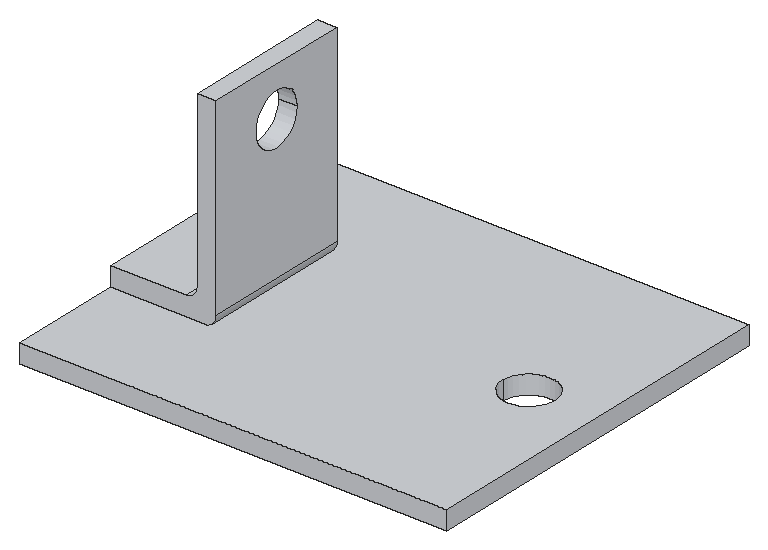
Revit family "MP33", category Generic Models, Revit 2017
Family settings
  Can host rebar = No
  Round Connector Dimension = Use Diameter
  Part Type = Normal
  Work Plane-Based = Yes
  Always vertical = No
  Cut with Voids When Loaded = No
  Shared = No
  Room Calculation Point = No
Parameters (values of type "NBS Standard Parameters")
  Weight = "0.600Kg"
  WarrantyStartDate [instance] = "1900-12-31T23:59:59"
  WarrantyGuarantorParts = "n/a"
  WarrantyGuarantorLabor = "n/a"
  WarrantyDurationUnit = "1 year"
  WarrantyDurationParts = "n/a"
  WarrantyDurationLabor = "n/a"
  WarrantyDescription = "n/a"
  Version = "1"
  Uniclass2 = "Pr_65_70_11_19"
  TagNumber [instance] = "n/a"
  SustainabilityPerformance = "n/a"
  Size = "41mm"
  Shape = "Square"
  SerialNumber [instance] = "n/a"
  Revision = "n/a"
  ReplacementCost = "n/a"
  ProductInformation = "www.metpro.co.uk/pdf/mp33.pdf"
  NominalWidth = 100 mm
  NominalLength = 100 mm
  NominalHeight = 54 mm
  Name = ""
  NBSTypeID = ""
  NBSReference = "90-55-10/305"
  NBSOfficeMasterTag = ""
  NBSNote = ""
  NBSDescription = "Channel Cable Supports"
  NBSCertification = ""
  ModelReference = "MP33"
  ModelNumber = "n/a"
  Material = "Steel"
  ManufacturerURL = "www.metpro.co.uk"
  ManufacturerName = "Metpro Ltd"
  Keynote = "Compliant to LU standard 1-085"
  InstallationDate [instance] = "1900-12-31T23:59:59"
  IfcExportType = ""
  IfcExportAs = ""
  Grade = "n/a"
  Finish = "Hot Dipped Galvanised"
  Features = "n/a"
  ExpectedLife = "n/a"
  DurationUnit = "year"
  Description = "MP33 - Single Lug Channel Base Plate"
  Default Elevation = 1219.2 mm
  Constituents = "n/a"
  Color = "n/a"
  CodePerformance = "n/a"
  Category = "n/a"
  BarCode [instance] = "n/a"
  BIMObjectName = "Metpro_metprolibrary_channelcablesupports_channelbracket"
  Author = "Metpro Ltd"
  AssetType = ""
  AssetIdentifier [instance] = "n/a"
  AccessibilityPerformance = "n/a"
Reference planes
  plane 1 "Center (Front/Back)": y = 0
  plane 2: z = 0
  plane 3 "Center (Left/Right)": x = 0
Forms (mm)
  Extrusion 1, solid
    sketch origin (584, 2.034, -10) x (-1, 0, 0) y (0, 0, -1)
      loop
        line (584, -15) -> (584, -10) -> (559, -10)
        arc (559, -10) -> (556.879, -10.879) -> (556, -13) r 3
        line (556, -13) -> (556, -64) -> (561, -64) -> (561, -18.206)
        arc (561, -18.206) -> (561.939, -15.939) -> (564.206, -15) r 3.206
        line (564.206, -15) -> (584, -15)
    from 0 to 40
  Extrusion 2, solid
    sketch origin (28, 2.034, 0) x (0, 1, 0) y (1, 0, 0)
      loop
        line (-70, -28) -> (30, -28) -> (30, 85.169) -> (-70, 85.169) -> (-70, -28)
      loop
        circle (-20, 67) r 7
    from 0 to 5
  Extrusion 3, void
    sketch origin (23, 2.034, 0) x (0, 0, -1) y (0, 1, 0)
      loop
        circle (-40.955, -20) r 7
    from 0 to 5
Cuts and joins
  Extrusion 3 cuts Extrusion 1
Dimensions and locks
  aligned and locked: level to plane 2
